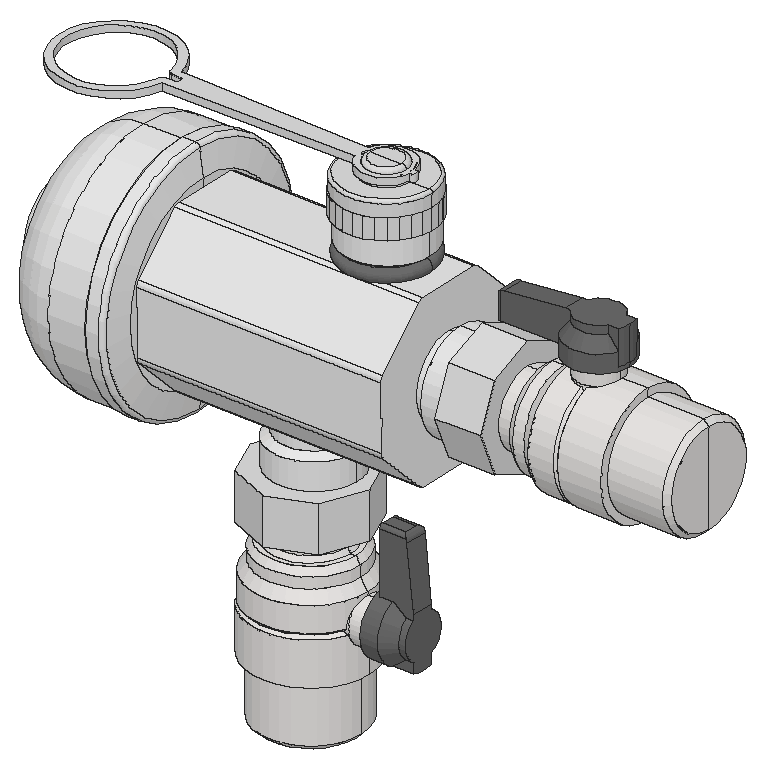
Revit family "2.rvt", category Pipe Accessories, Revit 2018
Family settings
  Round Connector Dimension = Use Diameter
  Part Type = Normal
  OmniClass Number = 23.65.00.00
  OmniClass Title = Supply and Distribution of Liquids and Gases
  Work Plane-Based = No
  Always vertical = No
  Cut with Voids When Loaded = No
  Shared = No
Parameters (values of type "3/4" - Configuration 2")
  Youtube clip = ""
  Weight Net (Kg) = "0"  # constant formula
  Valve Down = yes
  Uniformat II Description = "HVAC"  # constant formula
  Uniformat II Code = "D30"  # constant formula
  Uniclass 2015 Name = "Water filters and strainres"  # constant formula
  Uniclass 2015 Code = "Pr_65_57_96"  # constant formula
  Uniclass 2.0 Description = "Water filters and strainres"  # constant formula
  Uniclass 2.0 Code = "PR-30-96"  # constant formula
  Uniclass 1.4 Description = "Water filters, purifiers"  # constant formula
  Uniclass 1.4 Code = "L71151"  # constant formula
  URL = "www.pintossi.it"
  UNSPSC Code = "40161502"  # constant formula
  Technical description = ""
  Region South America = "All"  # constant formula
  Region Oceania = "All"  # constant formula
  Region North America = "All"  # constant formula
  Region Middle East = "All"  # constant formula
  Region Europe = "All"  # constant formula
  Region Asia = "All"  # constant formula
  Region Antarctica = "All"  # constant formula
  Region Africa = "All"  # constant formula
  Radius [instance] = [Main Inlet/Outlet Diameter] / 2  # 9.55 mm
  QR code = ""
  Product url = ""
  Product group = "MAGNETIC FILTERS"  # constant formula
  Product family = "FILTERS"  # constant formula
  Product data url = "https://www.bimobject.com/pintossi/product/9085-compact-magnetic-filter-for-domestic-boilers"
  Product certification = ""
  Product SKU = "9085-COMPACT-MAGNETIC-FILTER-FOR-DOMESTIC-BOILERS"  # constant formula
  Product Guid = "80c935f5-c3b4-44fa-b78e-3202d3c0e0e2"  # constant formula
  PH: = "Between 7 and 8Between 7 and 8"  # constant formula
  OmniClass Description = "Water Filters"  # constant formula
  OmniClass Code = "23-27 55 11 11"  # constant formula
  Nuts Right = no
  Nuts Down = no
  NBS Reference Description = "Water filters and strainres"  # constant formula
  NBS Reference Code = "30-96"  # constant formula
  Model = "3/4\" - Configuration 2"
  Maximum working temperature = 90 °C  # constant formula
  Maximum working pressure = 6.0 bar  # constant formula
  Maximum percentage of glycol [%] = 30  # constant formula
  Material secondary = ""
  Material main = "Brass"  # constant formula
  Material Steel = Pintossi - Metal -Stainless Steel
  Material Nut = Pintossi - Plastic - Black ABS
  Material Brass = Pintossi - Metal - Brass
  Material Body = Pintossi - Plastic - GRIVORY
  Masterformat 2014 Description = "Domestic Water Filtration Equipment"  # constant formula
  Masterformat 2014 Code = "22 32 00"  # constant formula
  Manufacturer name = "Pintossi+C"  # constant formula
  Manufacturer country = "Italy"  # constant formula
  Manufacturer = "Pintossi+C"  # constant formula
  Main Inlet/Outlet Diameter = 19.1 mm
  Length Right Conector = 103.3 mm
  Length Conector Down = 108 mm
  Iron (FE): = "< 0,5 mg/kg (< 0,1 mg/kg for steam)"  # constant formula
  Installation instructions = ""
  IFC Classification = "Valve"  # constant formula
  Valve Right = yes
  Fluid aspect: = "Limpid"  # constant formula
  Edition number = 0
  EAN code = ""
  Design country = "Italy"  # constant formula
  Description = "Pintossi+C magnetic dirt separator filter is an excellent solution to deal with the various plant engineering problems due to impurities present in the water (in particular rust and sand) which are created as a result of corrosion and encrustations during normal functioning operations in a heating system.\r\n\r\nThe magnetic filter guarantees continuous protection of the boiler, preventing the circulation of these microparticles in the system, thus preserving the most sensitive components such as the circulator and the heat exchanger. The stainless steel strainer blocks the circulations of dirt whereas the powerful magnetic insert attracts and blocks all the metallic debris.\r\n\r\nThe filter must be installed on the return circuit, at the inlet of the boiler. Thanks to the remarkable versatility of installation it can be either with the body horizontally or vertically, making it easily adaptable even in small spaces.\r\n\r\nAvailable with the following connections: \r\n- 2 ball valves with swivel nut\r\n- 2 female fittings\r\n- 1 ball valve with swivel nut and 1 female fitting  \r\n\r\nAvailable in white and black color for a perfect matching with the boiler's color."  # constant formula
  Date of publishing = ""
  Copper (CU): = "< 0,1 mg/kg (< 0,05 mg/kg for steam)"  # constant formula
  Conditioning: = "as indicated by the producer"  # constant formula
  COBIe Type Category = ""
  Brand url = "www.pintossi.it"
  BIMobject category = "HVAC: Other HVAC"  # constant formula
  Application fluids = "Water or glycol solutions"  # constant formula
  Antifreeze: = "Passiveted Propylene Glycol"  # constant formula
Types (3, lengths in mm): name | Valve Down | Nuts Right | Nuts Down | Model | Length Right Conector | Length Conector Down | Valve Right
  3/4" - Configuration 1 | no | no | yes | "3/4\" - Configuration 1" | 103.3 | 70.4 | yes
  3/4" - Configuration 2 | yes | no | no | "3/4\" - Configuration 2" | 103.3 | 108 | yes
  3/4" - Configuration 3 | no | yes | yes | "3/4\" - Configuration 2" | 69.3 | 74 | no
Reference planes
  plane 1 "Center (Front/Back)": y = 0
  plane 2: z = 0
  plane 3 "Center (Left/Right)": x = 0
  plane 4: z = 70.695
  plane 5: x = 104.574
  plane 6: x = 103.3
  plane 7: z = -38.605
  plane 8: z = -37.305
Forms (mm)
  Extrusion 1, solid, material "Pintossi - Plastic - GRIVORY" <- "Material Body", detail levels fine
    sketch origin (0, -25.217, -0.009) x (0, 0.941779, -0.336233) y (0, 0.336233, 0.941779)
      loop
        line (19.901, 94.31) -> (2.002, 102.656)
        arc (2.002, 102.656) -> (1.216, 102.849) -> (0.417, 102.726) r 2.073
        line (0.417, 102.726) -> (-18.142, 95.971)
        arc (-18.142, 95.971) -> (-18.834, 95.551) -> (-19.312, 94.899) r 2.073
        line (-19.312, 94.899) -> (-27.659, 76.999)
        arc (-27.659, 76.999) -> (-27.851, 76.213) -> (-27.728, 75.414) r 2.073
        line (-27.728, 75.414) -> (-20.973, 56.855)
        arc (-20.973, 56.855) -> (-20.554, 56.164) -> (-19.901, 55.685) r 2.073
        line (-19.901, 55.685) -> (-2.002, 47.339)
        arc (-2.002, 47.339) -> (-1.216, 47.146) -> (-0.417, 47.269) r 2.073
        line (-0.417, 47.269) -> (18.142, 54.024)
        arc (18.142, 54.024) -> (18.834, 54.444) -> (19.312, 55.096) r 2.073
        line (19.312, 55.096) -> (27.659, 72.996)
        arc (27.659, 72.996) -> (27.851, 73.781) -> (27.728, 74.581) r 2.073
        line (27.728, 74.581) -> (20.973, 93.14)
        arc (20.973, 93.14) -> (20.554, 93.831) -> (19.901, 94.31) r 2.073
    from -52.797 to 22.284
  Revolve 2, solid, material "Pintossi - Plastic - GRIVORY" <- "Material Body", detail levels fine
    sketch origin (0, 0, 0) x (1, 0, 0) y (0, 0, 1)
      loop
        line (-52.797, 70.695) -> (-52.797, 98.909) -> (-54.135, 106.501)
        arc (-54.135, 106.501) -> (-54.701, 107.424) -> (-55.743, 107.715) r 1.478
        line (-55.743, 107.715) -> (-59.433, 107.715) -> (-60.006, 106.142) -> (-60.006, 107.246) -> (-71.286, 107.246)
        arc (-71.286, 107.246) -> (-84.335, 101.841) -> (-89.74, 88.791) r 18.455
        line (-89.74, 88.791) -> (-89.74, 70.695) -> (-52.797, 70.695)
      axis (-89.74, 70.695) -> (-52.797, 70.695)
    angle from 0 to 360
  Revolve 3, solid, material "Pintossi - Plastic - GRIVORY" <- "Material Body", detail levels fine
    sketch origin (0, 0, 0) x (1, 0, 0) y (0, 0, 1)
      loop
        line (-89.669, 70.695) -> (-89.669, 87.018) -> (-93.729, 87.018)
        arc (-93.729, 87.018) -> (-95.704, 86.2) -> (-96.522, 84.226) r 2.793
        line (-96.522, 84.226) -> (-96.522, 70.695) -> (-89.669, 70.695)
      axis (-96.522, 70.695) -> (-89.669, 70.695)
    angle from 0 to 360
  Revolve 4, solid, material "Pintossi - Metal -Stainless Steel" <- "Material Steel", detail levels fine
    sketch origin (0, -0.358, -0.938) x (1, 0, 0) y (0, 0, 1)
      loop
        line (-10.713, 110.384) -> (3.368, 110.384) -> (3.368, 125.197) -> (-1.395, 125.197)
        arc (-1.395, 125.197) -> (-2.31, 124.818) -> (-2.689, 123.903) r 1.294
        line (-2.689, 123.903) -> (-3.967, 123.903) -> (-3.967, 121.152) -> (-9.844, 121.152)
        arc (-9.844, 121.152) -> (-10.459, 120.898) -> (-10.713, 120.283) r 0.869
        line (-10.713, 120.283) -> (-10.713, 110.384)
      axis (3.368, 125.197) -> (3.368, 110.384)
    angle from 0 to 360
  Extrusion 5, solid, material "Pintossi - Metal -Stainless Steel" <- "Material Steel", detail levels fine
    sketch origin (0, 0, 0) x (1, 0, 0) y (0, 1, 0)
      loop
        arc (-2.592, 0.722) -> (-3.947, -0.358) -> (-2.592, -1.438) r 1.108
        arc (-2.592, -1.438) -> (3.91, -6.391) -> (9.425, -0.358) r 6.057
        arc (9.425, -0.358) -> (3.91, 5.675) -> (-2.592, 0.722) r 6.057
      loop
        line (-4.228, 2.327) -> (-62.403, 3.343)
        arc (-62.403, 3.343) -> (-96.643, -0.358) -> (-62.403, -4.059) r 17.32
        line (-62.403, -4.059) -> (-4.228, -3.043)
        arc (-4.228, -3.043) -> (4.142, -8.378) -> (11.338, -1.542) r 8.057
        arc (11.338, -1.542) -> (12.775, -0.358) -> (11.338, 0.826) r 1.206
        arc (11.338, 0.826) -> (4.142, 7.662) -> (-4.228, 2.327) r 8.057
      loop
        arc (-63.437, 0.974) -> (-64.276, 1.332) -> (-64.713, 2.132) r 1.392
        arc (-64.713, 2.132) -> (-94.505, -0.358) -> (-64.713, -2.848) r 15
        arc (-64.713, -2.848) -> (-64.276, -2.048) -> (-63.437, -1.69) r 1.392
        line (-63.437, -1.69) -> (-60.86, -1.51)
        arc (-60.86, -1.51) -> (-59.708, -0.358) -> (-60.86, 0.794) r 1.152
        line (-60.86, 0.794) -> (-63.437, 0.974)
    from 121.126 to 123.157
  Extrusion 6, solid, material "Pintossi - Metal -Stainless Steel" <- "Material Steel", detail levels fine
    sketch origin (0, 0, 0) x (1, 0, 0) y (0, 1, 0)
      loop
        line (-0.564, 13.357) -> (-3.33, 12.24) -> (-5.803, 10.572) -> (-7.875, 8.426) -> (-9.456, 5.897) -> (-10.476, 3.094) -> (-10.891, 0.14) -> (-10.683, -2.836) -> (-9.861, -5.703) -> (-8.46, -8.337) -> (-6.543, -10.621) -> (-4.192, -12.458) -> (-1.512, -13.765) -> (1.383, -14.487) -> (4.364, -14.591) -> (7.301, -14.073) -> (10.067, -12.956) -> (12.54, -11.288) -> (14.612, -9.142) -> (16.192, -6.613) -> (17.212, -3.81) -> (17.628, -0.856) -> (17.42, 2.12) -> (16.597, 4.987) -> (15.197, 7.62) -> (13.28, 9.905) -> (10.929, 11.742) -> (8.248, 13.049) -> (5.354, 13.771) -> (2.373, 13.875) -> (-0.564, 13.357)
    from 109.447 to 115.635
  Revolve 7, solid, material "Pintossi - Rubber - NBR", detail levels fine
    sketch origin (0, 0, 0) x (1, 0, 0) y (0, 0, 1)
      loop
        spline (-8.637, 100.534) -> (-9.072, 100.468) -> (-9.479, 100.274) -> (-9.827, 99.967) -> (-10.095, 99.566) -> (-10.263, 99.099) -> (-10.321, 98.598) -> (-10.263, 98.097) -> (-10.095, 97.63) -> (-9.827, 97.229) -> (-9.479, 96.922) -> (-9.072, 96.728) -> (-8.637, 96.662)
        spline (-8.637, 96.662) -> (-8.201, 96.728) -> (-7.795, 96.922) -> (-7.446, 97.229) -> (-7.178, 97.63) -> (-7.01, 98.097) -> (-6.953, 98.598) -> (-7.01, 99.099) -> (-7.178, 99.566) -> (-7.446, 99.967) -> (-7.795, 100.274) -> (-8.201, 100.468) -> (-8.637, 100.534)
      axis (3.368, 100.534) -> (3.368, 96.662)
    angle from 0 to 360
  Revolve 8, solid, material "Pintossi - Plastic - GRIVORY" <- "Material Body", detail levels fine
    sketch origin (0, 0, 0) x (1, 0, 0) y (0, 0, 1)
      loop
        line (-29.665, 47.173) -> (-29.665, 41.623) -> (-32.11, 39.911) -> (-32.11, 28.545) -> (-19, 28.545) -> (-19, 47.173) -> (-29.665, 47.173)
      axis (-19, 47.173) -> (-19, 28.545)
    angle from 0 to 360
  Revolve 9, solid, material "Pintossi - Plastic - GRIVORY" <- "Material Body", detail levels fine
    sketch origin (0, 0, -0.938) x (1, 0, 0) y (0, 0, 1)
      loop
        line (20.127, 84.376) -> (20.127, 71.702) -> (37.627, 71.702) -> (37.627, 86.702) -> (25.827, 86.702) -> (24.198, 84.376) -> (20.127, 84.376)
      axis (20.127, 71.702) -> (37.627, 71.702)
    angle from 0 to 360
  Revolve 10, solid, material "Pintossi - Plastic - GRIVORY" <- "Material Body", detail levels fine
    sketch origin (0, 0, 0) x (1, 0, 0) y (0, 0, 1)
      loop
        arc (-9.844, 101.779) -> (-7.761, 100.528) -> (-6.943, 98.239) r 3.61
        line (-6.943, 98.239) -> (-6.943, 96.066) -> (3.368, 96.066) -> (3.368, 109.447) -> (-9.844, 109.447) -> (-9.844, 101.779)
      axis (3.368, 109.447) -> (3.368, 96.066)
    angle from 0 to 360
  Extrusion 11, solid, material "Pintossi - Metal -Stainless Steel" <- "Material Steel", visible <- "Nuts Down", detail levels fine
    sketch origin (0, 0, 0) x (1, 0, 0) y (0, 1, 0)
      loop
        line (-18.841, 15) -> (-29.447, 10.607) -> (-33.841, 0) -> (-29.447, -10.607) -> (-18.841, -15) -> (-8.234, -10.607) -> (-3.841, 0) -> (-8.234, 10.607) -> (-18.841, 15)
      loop
        circle (-19, 0) r 13.111
    from 17.889 to 32.01
  Extrusion 12, solid, material "Pintossi - Metal -Stainless Steel" <- "Material Steel", visible <- "Nuts Down", detail levels fine
    sketch origin (0, 0, -17.587) x (1, 0, 0) y (0, 1, 0)
      loop
        line (-18.841, 15) -> (-29.447, 10.607) -> (-33.841, 0) -> (-29.447, -10.607) -> (-18.841, -15) -> (-8.234, -10.607) -> (-3.841, 0) -> (-8.234, 10.607) -> (-18.841, 15)
      loop
        circle (-19, 0) r 11.226
    from 17.889 to 32.01
  Extrusion 13, solid, material "Pintossi - Metal -Stainless Steel" <- "Material Steel", visible <- "Nuts Down", detail levels fine
    sketch origin (0, 0, 0) x (1, 0, 0) y (0, 1, 0)
      loop
        circle (-19, 0) r 13.111
      loop
        circle (-19, 0) r 9.55
    from 8.849 to 32.01
  Extrusion 14, solid, material "Pintossi - Metal -Stainless Steel" <- "Material Steel", visible <- "Valve Right", detail levels fine
    sketch origin (66.051, 0, 90.16) x (0, 0, 1) y (0, 1, 0)
      loop
        line (-1.264, 0) -> (-6.595, 12.871) -> (-19.466, 18.202) -> (-32.336, 12.871) -> (-37.668, 0) -> (-32.336, -12.871) -> (-19.466, -18.202) -> (-6.595, -12.871) -> (-1.264, 0)
      loop
        circle (-19.466, 0) r 11.516
    from 19.511 to 33.392
  Revolve 15, solid, material "Pintossi - Metal - Brass" <- "Material Brass", visible <- "Valve Right", detail levels fine
    sketch origin (0, 0, 0) x (1, 0, 0) y (0, 0, 1)
      loop
        line (32.659, 82.095) -> (32.659, 70.695) -> (101.971, 70.695) -> (101.971, 84.851) -> (100.452, 86.371) -> (83.24, 86.371) -> (83.24, 88.752) -> (70.084, 88.752) -> (69.109, 87.778) -> (68.469, 88.418) -> (60.762, 88.418) -> (57.436, 86.089) -> (54.16, 86.089) -> (52.102, 84.648) -> (52.102, 83.01) -> (50.517, 82.095) -> (32.659, 82.095)
      axis (32.659, 70.695) -> (101.971, 70.695)
    angle from 0 to 360
  Revolve 16, solid, material "Pintossi - Metal - Brass" <- "Material Brass", visible <- "Valve Right", detail levels fine
    sketch origin (0, 0, 0) x (1, 0, 0) y (0, 0, 1)
      loop
        arc (61.42, 87.789) -> (60.752, 85.433) -> (58.948, 83.777) r 4.491
        line (58.948, 83.777) -> (68.227, 83.777) -> (68.227, 94.728) -> (61.42, 94.728) -> (61.42, 87.789)
      axis (68.227, 94.728) -> (68.227, 83.777)
    angle from 0 to 360
  Extrusion 17, solid, material "Pintossi - Metal -Stainless Steel" <- "Material Steel", visible <- "Valve Down", detail levels fine
    sketch origin (0.625, -1.656, -1.382) x (1, 0, 0) y (0, 1, 0)
      loop
        line (-1.264, 0) -> (-6.595, 12.871) -> (-19.466, 18.202) -> (-32.336, 12.871) -> (-37.668, 0) -> (-32.336, -12.871) -> (-19.466, -18.202) -> (-6.595, -12.871) -> (-1.264, 0)
      loop
        circle (-19.466, 0) r 11.516
    from 19.511 to 33.392
  Revolve 18, solid, material "Pintossi - Metal - Brass" <- "Material Brass", visible <- "Valve Down", detail levels fine
    sketch origin (-89.535, -1.656, 64.669) x (0, 0, -1) y (1, 0, 0)
      loop
        line (32.659, 82.095) -> (32.659, 70.695) -> (101.971, 70.695) -> (101.971, 84.851) -> (100.452, 86.371) -> (83.24, 86.371) -> (83.24, 88.752) -> (70.084, 88.752) -> (69.109, 87.778) -> (68.469, 88.418) -> (60.762, 88.418) -> (57.436, 86.089) -> (54.16, 86.089) -> (52.102, 84.648) -> (52.102, 83.01) -> (50.517, 82.095) -> (32.659, 82.095)
      axis (32.659, 70.695) -> (101.971, 70.695)
    angle from 0 to 360
  Revolve 19, solid, material "Pintossi - Metal - Brass" <- "Material Brass", visible <- "Valve Down", detail levels fine
    sketch origin (-89.535, -1.656, 64.669) x (0, 0, -1) y (1, 0, 0)
      loop
        arc (61.42, 87.789) -> (60.752, 85.433) -> (58.948, 83.777) r 4.491
        line (58.948, 83.777) -> (68.227, 83.777) -> (68.227, 94.728) -> (61.42, 94.728) -> (61.42, 87.789)
      axis (68.227, 94.728) -> (68.227, 83.777)
    angle from 0 to 360
  Extrusion 20, solid, material "Pintossi - Metal -Stainless Steel" <- "Material Steel", visible <- "Nuts Right", detail levels fine
    sketch origin (69.637, 0, 89.535) x (0, 0, 1) y (0, 1, 0)
      loop
        line (-18.841, 15) -> (-29.447, 10.607) -> (-33.841, 0) -> (-29.447, -10.607) -> (-18.841, -15) -> (-8.234, -10.607) -> (-3.841, 0) -> (-8.234, 10.607) -> (-18.841, 15)
      loop
        circle (-19, 0) r 13.111
    from 17.889 to 32.01
  Extrusion 21, solid, material "Pintossi - Metal -Stainless Steel" <- "Material Steel", visible <- "Nuts Right", detail levels fine
    sketch origin (87.224, 0, 89.535) x (0, 0, 1) y (0, 1, 0)
      loop
        line (-18.841, 15) -> (-29.447, 10.607) -> (-33.841, 0) -> (-29.447, -10.607) -> (-18.841, -15) -> (-8.234, -10.607) -> (-3.841, 0) -> (-8.234, 10.607) -> (-18.841, 15)
      loop
        circle (-19, 0) r 11.226
    from 17.889 to 32.01
  Extrusion 22, solid, material "Pintossi - Metal -Stainless Steel" <- "Material Steel", visible <- "Nuts Right", detail levels fine
    sketch origin (69.637, 0, 89.535) x (0, 0, 1) y (0, 1, 0)
      loop
        circle (-19, 0) r 13.111
      loop
        circle (-19, 0) r 9.55
    from 8.849 to 32.01
  Extrusion 23, solid, material "Pintossi - Plastic - Black ABS" <- "Material Nut", visible <- "Valve Right", detail levels fine
    sketch origin (0, 0, 0) x (1, 0, 0) y (0, 1, 0)
      loop
        circle (68.234, 0.078) r 9.561
    from 92.778 to 98.131
  Extrusion 24, solid, material "Pintossi - Plastic - Black ABS" <- "Material Nut", visible <- "Valve Right", detail levels fine
    sketch origin (0, 0, 0) x (1, 0, 0) y (0, 1, 0)
      loop
        circle (68.234, 0.078) r 6.74
    from 102.117 to 104.416
  Blend 25, solid, material "Pintossi - Plastic - Black ABS" <- "Material Nut", visible <- "Valve Right", detail levels fine
    base sketch origin (0, 0, 0) x (1, 0, 0) y (0, 1, 0)
      loop
        circle (68.234, 0.078) r 9.561
    top sketch origin (0, 0, 0) x (1, 0, 0) y (0, 1, 0)
      loop
        circle (68.234, 0.078) r 6.74
    from 98.131 to 102.117
  Extrusion 26, solid, material "Pintossi - Plastic - Black ABS" <- "Material Nut", visible <- "Valve Right", detail levels fine
    sketch origin (0, 0, 0) x (1, 0, 0) y (0, 1, 0)
      loop
        line (39.745, 1.84) -> (39.745, -2.358)
        arc (39.745, -2.358) -> (40.087, -3.184) -> (40.914, -3.527) r 1.169
        line (40.914, -3.527) -> (77.943, -3.527)
        arc (77.943, -3.527) -> (78.496, -3.297) -> (78.725, -2.744) r 0.783
        line (78.725, -2.744) -> (78.725, 2.203)
        arc (78.725, 2.203) -> (78.458, 2.848) -> (77.813, 3.115) r 0.912
        line (77.813, 3.115) -> (41.02, 3.115)
        arc (41.02, 3.115) -> (40.118, 2.742) -> (39.745, 1.84) r 1.275
    from 94.023 to 104.416
  Extrusion 27, void
    sketch origin (0, 0, 0) x (1, 0, 0) y (0, 1, 0)
      loop
        arc (77.796, 0.078) -> (74.995, -6.683) -> (68.234, -9.483) r 9.561
        line (68.234, -9.483) -> (68.234, -11.483)
        arc (68.234, -11.483) -> (76.409, -8.097) -> (79.796, 0.078) r 11.561
        arc (79.796, 0.078) -> (76.409, 8.253) -> (68.234, 11.64) r 11.561
        line (68.234, 11.64) -> (68.234, 9.64)
        arc (68.234, 9.64) -> (74.995, 6.839) -> (77.796, 0.078) r 9.561
    from 91.074 to 120.214
  Extrusion 28, void
    sketch origin (0, 0, 0) x (1, 0, 0) y (0, 0, 1)
      loop
        line (64.926, 104.845) -> (64.926, 109.222) -> (35.49, 109.222) -> (35.49, 101.751) -> (35.49, 100.493) -> (39.516, 100.493)
        arc (39.516, 100.493) -> (40.299, 101.885) -> (41.806, 102.415) r 2.268
        line (41.806, 102.415) -> (64.926, 104.845)
    from -8.649 to 19.858
  Extrusion 29, solid, material "Pintossi - Plastic - Black ABS" <- "Material Nut", visible <- "Valve Right", not visible
    sketch origin (0, 0, 0) x (1, 0, 0) y (0, 1, 0)
      loop
        circle (68.234, 0.078) r 9.561
    from 92.778 to 98.131
  Extrusion 30, solid, material "Pintossi - Plastic - Black ABS" <- "Material Nut", visible <- "Valve Right", not visible
    sketch origin (0, 0, 0) x (1, 0, 0) y (0, 1, 0)
      loop
        circle (68.234, 0.078) r 6.74
    from 102.117 to 104.416
  Blend 31, solid, material "Pintossi - Plastic - Black ABS" <- "Material Nut", visible <- "Valve Right", not visible
    base sketch origin (0, 0, 0) x (1, 0, 0) y (0, 1, 0)
      loop
        circle (68.234, 0.078) r 9.561
    top sketch origin (0, 0, 0) x (1, 0, 0) y (0, 1, 0)
      loop
        circle (68.234, 0.078) r 6.74
    from 98.131 to 102.117
  Extrusion 32, solid, material "Pintossi - Plastic - Black ABS" <- "Material Nut", visible <- "Valve Right", not visible
    sketch origin (0, 0, 0) x (1, 0, 0) y (0, 1, 0)
      loop
        line (39.745, 1.84) -> (39.745, -2.358)
        arc (39.745, -2.358) -> (40.087, -3.184) -> (40.914, -3.527) r 1.169
        line (40.914, -3.527) -> (77.943, -3.527)
        arc (77.943, -3.527) -> (78.496, -3.297) -> (78.725, -2.744) r 0.783
        line (78.725, -2.744) -> (78.725, 2.203)
        arc (78.725, 2.203) -> (78.458, 2.848) -> (77.813, 3.115) r 0.912
        line (77.813, 3.115) -> (41.02, 3.115)
        arc (41.02, 3.115) -> (40.118, 2.742) -> (39.745, 1.84) r 1.275
    from 94.023 to 104.416
  Extrusion 33, void, not visible
    sketch origin (0, 0, 0) x (1, 0, 0) y (0, 1, 0)
      loop
        arc (77.796, 0.078) -> (74.995, -6.683) -> (68.234, -9.483) r 9.561
        line (68.234, -9.483) -> (68.234, -11.483)
        arc (68.234, -11.483) -> (76.409, -8.097) -> (79.796, 0.078) r 11.561
        arc (79.796, 0.078) -> (76.409, 8.253) -> (68.234, 11.64) r 11.561
        line (68.234, 11.64) -> (68.234, 9.64)
        arc (68.234, 9.64) -> (74.995, 6.839) -> (77.796, 0.078) r 9.561
    from 91.074 to 120.214
  Extrusion 34, void, not visible
    sketch origin (0, 0, 0) x (1, 0, 0) y (0, 0, 1)
      loop
        line (64.926, 104.845) -> (64.926, 109.222) -> (35.49, 109.222) -> (35.49, 101.751) -> (35.49, 100.493) -> (39.516, 100.493)
        arc (39.516, 100.493) -> (40.299, 101.885) -> (41.806, 102.415) r 2.268
        line (41.806, 102.415) -> (64.926, 104.845)
    from -8.649 to 19.858
  Extrusion 35, solid, material "Pintossi - Plastic - Black ABS" <- "Material Nut", visible <- "Valve Down", detail levels fine
    sketch origin (-90.085, 0, 64.676) x (0, 0, -1) y (0, 1, 0)
      loop
        circle (68.234, 0.078) r 9.561
    from 92.778 to 98.131
  Extrusion 36, solid, material "Pintossi - Plastic - Black ABS" <- "Material Nut", visible <- "Valve Down", detail levels fine
    sketch origin (-90.085, 0, 64.676) x (0, 0, -1) y (0, 1, 0)
      loop
        circle (68.234, 0.078) r 6.74
    from 102.117 to 104.416
  Blend 37, solid, material "Pintossi - Plastic - Black ABS" <- "Material Nut", visible <- "Valve Down", detail levels fine
    base sketch origin (-90.085, 0, 64.676) x (0, 0, -1) y (0, 1, 0)
      loop
        circle (68.234, 0.078) r 9.561
    top sketch origin (-90.085, 0, 64.676) x (0, 0, -1) y (0, 1, 0)
      loop
        circle (68.234, 0.078) r 6.74
    from 98.131 to 102.117
  Extrusion 38, solid, material "Pintossi - Plastic - Black ABS" <- "Material Nut", visible <- "Valve Down", detail levels fine
    sketch origin (-90.085, 0, 64.676) x (0, 0, -1) y (0, 1, 0)
      loop
        line (39.745, 1.84) -> (39.745, -2.358)
        arc (39.745, -2.358) -> (40.087, -3.184) -> (40.914, -3.527) r 1.169
        line (40.914, -3.527) -> (77.943, -3.527)
        arc (77.943, -3.527) -> (78.496, -3.297) -> (78.725, -2.744) r 0.783
        line (78.725, -2.744) -> (78.725, 2.203)
        arc (78.725, 2.203) -> (78.458, 2.848) -> (77.813, 3.115) r 0.912
        line (77.813, 3.115) -> (41.02, 3.115)
        arc (41.02, 3.115) -> (40.118, 2.742) -> (39.745, 1.84) r 1.275
    from 94.023 to 104.416
  Extrusion 39, void
    sketch origin (-90.085, 0, 64.676) x (0, 0, -1) y (0, 1, 0)
      loop
        arc (77.796, 0.078) -> (74.995, -6.683) -> (68.234, -9.483) r 9.561
        line (68.234, -9.483) -> (68.234, -11.483)
        arc (68.234, -11.483) -> (76.409, -8.097) -> (79.796, 0.078) r 11.561
        arc (79.796, 0.078) -> (76.409, 8.253) -> (68.234, 11.64) r 11.561
        line (68.234, 11.64) -> (68.234, 9.64)
        arc (68.234, 9.64) -> (74.995, 6.839) -> (77.796, 0.078) r 9.561
    from 91.074 to 120.214
  Extrusion 40, void
    sketch origin (-90.085, 0, 64.676) x (0, 0, -1) y (1, 0, 0)
      loop
        line (64.926, 104.845) -> (64.926, 109.222) -> (35.49, 109.222) -> (35.49, 101.751) -> (35.49, 100.493) -> (39.516, 100.493)
        arc (39.516, 100.493) -> (40.299, 101.885) -> (41.806, 102.415) r 2.268
        line (41.806, 102.415) -> (64.926, 104.845)
    from -8.649 to 19.858
  Extrusion 41, solid, not visible
    sketch origin (0, 0, 0) x (0, 1, 0) y (0, 0, 1)
      loop
        circle (0, 70.695) r 20
    from 103.3 to 104.574
  Extrusion 42, solid, not visible
    sketch origin (0, 0, 0) x (1, 0, 0) y (0, 1, 0)
      loop
        circle (-19, 0) r 9.55
    from -38.605 to -37.305
Cuts and joins
  joined: Extrusion 1, Revolve 8, Revolve 9, Revolve 10
  Extrusion 27, Extrusion 28 cuts Extrusion 26
  joined: Extrusion 23, Extrusion 24, Blend 25, Extrusion 26
  Extrusion 39 cuts Extrusion 35
  Extrusion 39, Extrusion 40 cuts Extrusion 38
  joined: Extrusion 35, Extrusion 36, Blend 37, Extrusion 38
Lines and regions (mm)
  symbolic lines
    curve 1: line (0, 60, 0) -> (-60, 0, 0)
    curve 2: line (0, 60, 0) -> (60, 0, 0)
    curve 3: line (0, -60, 0) -> (-60, 0, 0)
    curve 4: line (0, -60, 0) -> (60, 0, 0)
    curve 5: line (-60, 0, 0) -> (-80, 0, 0)
    curve 7: line (-60, 0, 0) -> (60, 0, 0)
    curve 22: line (60, 0, 0) -> (120, 0, 0)
  symbolic lines, visible <- "Valve Right"
    curve 6: line (60, 0, 0) -> (74.381, 0, 0)
    curve 13: line (95, 0, 0) -> (74.381, 10, 0)
    curve 14: line (74.381, 10, 0) -> (74.381, 0, 0)
    curve 15: line (95, 0, 0) -> (74.381, -10, 0)
    curve 16: line (74.381, -10, 0) -> (74.381, 0, 0)
    curve 17: line (95, 0, 0) -> (115.619, 10, 0)
    curve 18: line (115.619, 10, 0) -> (115.619, 0, 0)
    curve 19: line (95, 0, 0) -> (115.619, -10, 0)
    curve 20: line (115.619, -10, 0) -> (115.619, 0, 0)
    curve 21: line (115.619, 0, 0) -> (130.619, 0, 0)
  model lines, detail levels coarse+medium
    curve 8: line (-23.75, 64.853, 70.695) -> (37.5, 0, 70.695)
    curve 9: line (-23.75, 64.853, 70.695) -> (-85, 0, 70.695)
    curve 10: line (-23.75, -64.853, 70.695) -> (37.5, 0, 70.695)
    curve 11: line (-23.75, -64.853, 70.695) -> (-85, 0, 70.695)
    curve 12: line (-18.841, 0, 19.551) -> (-18.841, 0, 70.695)
  model lines, visible <- "Valve Right", detail levels coarse+medium
    curve 23: line (50.006, -10, 70.695) -> (50.006, 10, 70.695)
    curve 24: line (91.244, -10, 70.695) -> (91.244, 10, 70.695)
    curve 25: line (50.006, 10, 70.695) -> (91.244, -10, 70.695)
    curve 26: line (91.244, 10, 70.695) -> (50.006, -10, 70.695)
    curve 27: line (37.5, 0, 70.695) -> (50.006, 0, 70.695)
    curve 28: line (91.244, 0, 70.695) -> (106.244, 0, 70.695)
    curve 29: line (50.006, -10, 70.695) -> (50.006, 10, 70.695)
    curve 30: line (37.5, 0, 70.695) -> (50.006, 0, 70.695)
  model lines, visible <- "Nuts Right", detail levels coarse+medium
    curve 31: line (69.336, 0, 70.695) -> (37.5, 0, 70.695)
  model lines, visible <- "Valve Down", detail levels coarse+medium
    curve 32: line (-28.841, -1.656, 19.551) -> (-8.841, -1.656, 19.551)
    curve 33: line (-28.841, -1.656, -21.686) -> (-8.841, -1.656, -21.686)
    curve 34: line (-8.841, -1.656, 19.551) -> (-28.841, -1.656, -21.686)
    curve 35: line (-8.841, -1.656, -21.686) -> (-28.841, -1.656, 19.551)
    curve 36: line (-18.841, -1.656, -21.686) -> (-18.841, -1.656, -37.303)
Dimensions and locks
  Extrusion 21 to Extrusion 26 = 23.511 mm
  locked: plane 6 to plane 5 at 1.274
  "Length Right Conector": plane 3 "Center (Left/Right)" to plane 6
  locked: plane 8 to plane 7 at 1.3
  "Length Conector Down": plane 4 to plane 8
  "Radius": radius of Extrusion 13 sketch curve
  "Radius": radius of Extrusion 22 sketch curve
  aligned and locked: level to plane 2
  aligned and locked: plane 6 to Extrusion 41
  aligned and locked: plane 5 to Extrusion 41
  aligned and locked: Extrusion 42 to plane 7
  aligned and locked: plane 8 to Extrusion 42
Automatic sketch dimensions
  Blend 25 sketch curve to Blend 25 sketch curve = 9.561 mm
  Blend 25 sketch curve to Blend 25 sketch curve = 6.74 mm
  Extrusion 26 sketch curve to Extrusion 26 sketch curve = 1.169 mm
  Extrusion 26 sketch curve to Extrusion 26 sketch curve = 1.275 mm
  Extrusion 26 sketch curve to Extrusion 26 sketch curve = 36.794 mm
  Extrusion 26 sketch curve to Extrusion 26 sketch curve = 0.783 mm
  Extrusion 27 sketch curve to Extrusion 27 sketch curve = 0 mm  (x14)
  Extrusion 27 sketch curve to Extrusion 27 sketch curve = 9.561 mm
  Extrusion 27 sketch curve to Extrusion 27 sketch curve = 2 mm
  Extrusion 28 sketch curve to Extrusion 28 sketch curve = 4.026 mm
  Extrusion 28 sketch curve to Extrusion 28 sketch curve = 2.241 mm
  Extrusion 28 sketch curve to Extrusion 28 sketch curve = 23.169 mm
  Extrusion 28 sketch curve to Extrusion 28 sketch curve = 0.345 mm
  Extrusion 28 sketch curve to Extrusion 28 sketch curve = 1.258 mm
  Extrusion 28 sketch curve to Extrusion 28 sketch curve = 4.697 mm
  Extrusion 28 sketch curve to Extrusion 28 sketch curve = 7.471 mm
  Extrusion 28 sketch curve to Extrusion 28 sketch curve = 0.049 mm
  Extrusion 26 sketch curve to Extrusion 26 sketch curve = 0.129 mm
  Extrusion 26 sketch curve to Extrusion 26 sketch curve = 4.198 mm
  Blend 31 sketch curve to Blend 31 sketch curve = 9.561 mm
  Blend 31 sketch curve to Blend 31 sketch curve = 6.74 mm
  Extrusion 32 sketch curve to Extrusion 32 sketch curve = 1.169 mm
  Extrusion 32 sketch curve to Extrusion 32 sketch curve = 1.275 mm
  Extrusion 32 sketch curve to Extrusion 32 sketch curve = 36.794 mm
  Extrusion 32 sketch curve to Extrusion 32 sketch curve = 0.783 mm
  Extrusion 33 sketch curve to Extrusion 33 sketch curve = 0 mm  (x14)
  Extrusion 33 sketch curve to Extrusion 33 sketch curve = 9.561 mm
  Extrusion 33 sketch curve to Extrusion 33 sketch curve = 2 mm
  Extrusion 34 sketch curve to Extrusion 34 sketch curve = 4.026 mm
  Extrusion 34 sketch curve to Extrusion 34 sketch curve = 2.241 mm
  Extrusion 34 sketch curve to Extrusion 34 sketch curve = 23.169 mm
  Extrusion 34 sketch curve to Extrusion 34 sketch curve = 0.345 mm
  Extrusion 34 sketch curve to Extrusion 34 sketch curve = 1.258 mm
  Extrusion 34 sketch curve to Extrusion 34 sketch curve = 4.697 mm
  Extrusion 34 sketch curve to Extrusion 34 sketch curve = 7.471 mm
  Extrusion 34 sketch curve to Extrusion 34 sketch curve = 0.049 mm
  Blend 31 sketch curve to Blend 31 sketch curve = 0 mm  (x4)
  Extrusion 32 sketch curve to Extrusion 32 sketch curve = 0.129 mm
  Extrusion 32 sketch curve to Extrusion 32 sketch curve = 4.198 mm
  curve 12 to plane 4 = 0 mm
  curve 27 to plane 4 = 0 mm
  curve 30 to plane 4 = 0 mm
  curve 31 to plane 4 = 0 mm
  curve 28 to plane 4 = 0 mm
  curve 12 to plane 3 "Center (Left/Right)" = 18.841 mm
  plane 3 "Center (Left/Right)" to curve 27 = 37.5 mm
  curve 30 to curve 27 = 0 mm  (x2)
  curve 31 to curve 27 = 0 mm
  curve 27 to curve 27 = 12.506 mm
  curve 27 to curve 31 = 19.329 mm
  curve 31 to curve 28 = 21.908 mm
  curve 28 to curve 28 = 15 mm
  level to curve 12 = 19.551 mm
  plane 1 "Center (Front/Back)" to curve 5 = 0 mm
  curve 4 to plane 3 "Center (Left/Right)" = 0 mm
  curve 2 to plane 3 "Center (Left/Right)" = 0 mm
  plane 1 "Center (Front/Back)" to curve 15 = 0 mm
  plane 1 "Center (Front/Back)" to curve 20 = 0 mm
  curve 7 to plane 3 "Center (Left/Right)" = 60 mm
  curve 2 to curve 6 = 14.381 mm
  plane 1 "Center (Front/Back)" to curve 15 = 10 mm
  curve 15 to curve 6 = 0 mm
  curve 6 to curve 15 = 20.619 mm
  curve 17 to plane 1 "Center (Front/Back)" = 10 mm
  curve 13 to curve 17 = 20.619 mm
  plane 1 "Center (Front/Back)" to curve 20 = 10 mm
  curve 6 to curve 14 = 10 mm
  curve 5 to curve 1 = 20 mm
  curve 18 to curve 22 = 4.381 mm
  curve 22 to curve 21 = 10.619 mm
  plane 4 to Extrusion 1 sketch curve = 9.643 mm
  plane 1 "Center (Front/Back)" to Extrusion 1 sketch curve = 25.974 mm
  Extrusion 1 sketch curve to Extrusion 1 sketch curve = 0.069 mm  (x2)
  Extrusion 1 sketch curve to Extrusion 1 sketch curve = 1.879 mm  (x4)
  Extrusion 1 sketch curve to Extrusion 1 sketch curve = 6.755 mm  (x2)
  Extrusion 1 sketch curve to Extrusion 1 sketch curve = 1.072 mm  (x2)
  Extrusion 1 sketch curve to Extrusion 1 sketch curve = 8.347 mm  (x3)
  Extrusion 1 sketch curve to Extrusion 1 sketch curve = 0.876 mm  (x5)
  Extrusion 1 sketch curve to Extrusion 1 sketch curve = 1.17 mm  (x2)
  Extrusion 1 sketch curve to Extrusion 1 sketch curve = 0.709 mm  (x7)
  Extrusion 1 sketch curve to Extrusion 1 sketch curve = 17.9 mm  (x4)
  Extrusion 1 sketch curve to Extrusion 1 sketch curve = 1.585 mm  (x2)
  Extrusion 1 sketch curve to Extrusion 1 sketch curve = 18.559 mm  (x3)
  Extrusion 1 sketch curve to Extrusion 1 sketch curve = 0.833 mm
  Extrusion 1 sketch curve to Extrusion 1 sketch curve = 17.85 mm
  Revolve 2 sketch curve to plane 4 = 0 mm  (x2)
  Revolve 2 sketch curve to plane 3 "Center (Left/Right)" = 89.74 mm
  Revolve 2 sketch curve to Revolve 2 sketch curve = 18.455 mm
  Revolve 2 sketch curve to Revolve 2 sketch curve = 11.28 mm
  Revolve 2 sketch curve to Revolve 2 sketch curve = 0.572 mm
  Revolve 2 sketch curve to Revolve 2 sketch curve = 3.69 mm
  Revolve 2 sketch curve to Revolve 2 sketch curve = 0.152 mm
  plane 4 to Revolve 2 sketch curve = 35.806 mm
  Revolve 2 sketch curve to Revolve 2 sketch curve = 1.456 mm
  Revolve 2 sketch curve to Revolve 2 sketch curve = 1.339 mm
  Revolve 2 sketch curve to Revolve 2 sketch curve = 18.097 mm
  Revolve 2 sketch curve to Revolve 2 sketch curve = 7.592 mm
  Revolve 2 sketch curve to Revolve 2 sketch curve = 1.104 mm
  Revolve 2 sketch curve to Revolve 2 sketch curve = 0.257 mm
  Revolve 2 sketch curve to Revolve 2 sketch curve = 0 mm
  Revolve 2 sketch curve to Revolve 2 sketch curve = 7.013 mm
  Revolve 3 sketch curve to plane 4 = 0 mm  (x2)
  Revolve 3 sketch curve to plane 3 "Center (Left/Right)" = 96.522 mm
  Revolve 3 sketch curve to Revolve 3 sketch curve = 2.793 mm
  Revolve 3 sketch curve to Revolve 3 sketch curve = 6.853 mm
  Revolve 3 sketch curve to Revolve 3 sketch curve = 13.531 mm
  Revolve 3 sketch curve to Revolve 3 sketch curve = 1.806 mm
  Revolve 3 sketch curve to Revolve 3 sketch curve = 3.647 mm
  Revolve 4 sketch curve to plane 3 "Center (Left/Right)" = 10.713 mm
  Revolve 4 sketch curve to Revolve 4 sketch curve = 0.869 mm
  Revolve 4 sketch curve to plane 3 "Center (Left/Right)" = 3.967 mm
  Revolve 4 sketch curve to Revolve 4 sketch curve = 1.279 mm
  Revolve 4 sketch curve to Revolve 4 sketch curve = 1.294 mm
  plane 3 "Center (Left/Right)" to Revolve 4 sketch curve = 3.368 mm  (x2)
  plane 4 to Revolve 4 sketch curve = 38.752 mm
  Revolve 4 sketch curve to Revolve 4 sketch curve = 9.899 mm
  Revolve 4 sketch curve to Revolve 4 sketch curve = 2.751 mm
  plane 4 to Revolve 4 sketch curve = 17.837 mm
  Revolve 4 sketch curve to Revolve 4 sketch curve = 0 mm
  Extrusion 5 sketch curve to Extrusion 5 sketch curve = 0 mm  (x14)
  plane 1 "Center (Front/Back)" to Extrusion 5 sketch curve = 0.358 mm  (x5)
  Extrusion 5 sketch curve to plane 3 "Center (Left/Right)" = 79.505 mm
  Extrusion 5 sketch curve to Extrusion 5 sketch curve = 0.182 mm
  plane 1 "Center (Front/Back)" to Extrusion 5 sketch curve = 1.69 mm
  Extrusion 5 sketch curve to Extrusion 5 sketch curve = 15.885 mm
  Extrusion 5 sketch curve to plane 1 "Center (Front/Back)" = 0.974 mm
  Extrusion 5 sketch curve to Extrusion 5 sketch curve = 0.097 mm  (x2)
  plane 1 "Center (Front/Back)" to Extrusion 5 sketch curve = 4.059 mm
  Extrusion 5 sketch curve to Extrusion 5 sketch curve = 0.938 mm  (x2)
  Extrusion 5 sketch curve to plane 1 "Center (Front/Back)" = 3.343 mm
  Extrusion 5 sketch curve to Extrusion 5 sketch curve = 2.577 mm
  Extrusion 5 sketch curve to plane 3 "Center (Left/Right)" = 4.228 mm  (x2)
  Extrusion 5 sketch curve to plane 1 "Center (Front/Back)" = 2.327 mm
  Extrusion 5 sketch curve to plane 3 "Center (Left/Right)" = 2.839 mm
  plane 3 "Center (Left/Right)" to Extrusion 5 sketch curve = 3.368 mm
  Extrusion 5 sketch curve to Extrusion 5 sketch curve = 8.201 mm
  Extrusion 5 sketch curve to Extrusion 5 sketch curve = 0.98 mm  (x2)
  Extrusion 5 sketch curve to Extrusion 5 sketch curve = 2.685 mm
  Extrusion 5 sketch curve to Extrusion 5 sketch curve = 1.152 mm
  Extrusion 5 sketch curve to Extrusion 5 sketch curve = 0.247 mm
  Extrusion 5 sketch curve to Extrusion 5 sketch curve = 2.144 mm
  Extrusion 5 sketch curve to plane 1 "Center (Front/Back)" = 0.826 mm
  Extrusion 6 sketch curve to plane 1 "Center (Front/Back)" = 0.14 mm
  Extrusion 6 sketch curve to plane 3 "Center (Left/Right)" = 10.891 mm
  plane 1 "Center (Front/Back)" to Extrusion 6 sketch curve = 2.836 mm
  Extrusion 6 sketch curve to Extrusion 6 sketch curve = 0.208 mm
  Extrusion 6 sketch curve to plane 1 "Center (Front/Back)" = 3.094 mm
  Extrusion 6 sketch curve to Extrusion 6 sketch curve = 0.415 mm  (x2)
  Extrusion 6 sketch curve to Extrusion 6 sketch curve = 0.822 mm  (x2)
  Extrusion 6 sketch curve to Extrusion 6 sketch curve = 1.02 mm  (x2)
  Extrusion 6 sketch curve to Extrusion 6 sketch curve = 1.4 mm  (x2)
  Extrusion 6 sketch curve to Extrusion 6 sketch curve = 1.581 mm  (x2)
  Extrusion 6 sketch curve to Extrusion 6 sketch curve = 1.917 mm  (x2)
  Extrusion 6 sketch curve to Extrusion 6 sketch curve = 2.072 mm  (x2)
  Extrusion 6 sketch curve to Extrusion 6 sketch curve = 2.35 mm  (x2)
  Extrusion 6 sketch curve to Extrusion 6 sketch curve = 2.473 mm  (x2)
  Extrusion 6 sketch curve to plane 3 "Center (Left/Right)" = 1.512 mm
  Extrusion 6 sketch curve to plane 3 "Center (Left/Right)" = 0.564 mm
  plane 3 "Center (Left/Right)" to Extrusion 6 sketch curve = 1.383 mm
  plane 3 "Center (Left/Right)" to Extrusion 6 sketch curve = 2.373 mm
  Extrusion 6 sketch curve to Extrusion 6 sketch curve = 2.981 mm  (x2)
  Extrusion 6 sketch curve to Extrusion 6 sketch curve = 2.937 mm
  Extrusion 6 sketch curve to Extrusion 6 sketch curve = 2.894 mm
  Extrusion 6 sketch curve to Extrusion 6 sketch curve = 2.766 mm
  Extrusion 6 sketch curve to Extrusion 6 sketch curve = 2.681 mm
  plane 1 "Center (Front/Back)" to Extrusion 6 sketch curve = 6.613 mm
  Extrusion 6 sketch curve to plane 1 "Center (Front/Back)" = 4.987 mm
  plane 1 "Center (Front/Back)" to Extrusion 6 sketch curve = 3.81 mm
  Extrusion 6 sketch curve to plane 1 "Center (Front/Back)" = 2.12 mm
  plane 1 "Center (Front/Back)" to Extrusion 6 sketch curve = 0.856 mm
  Extrusion 6 sketch curve to Extrusion 6 sketch curve = 5.501 mm
  Extrusion 6 sketch curve to Extrusion 6 sketch curve = 2.53 mm  (x2)
  Extrusion 6 sketch curve to Extrusion 6 sketch curve = 2.285 mm  (x2)
  Extrusion 6 sketch curve to Extrusion 6 sketch curve = 2.146 mm  (x2)
  Extrusion 6 sketch curve to Extrusion 6 sketch curve = 1.836 mm  (x2)
  Extrusion 6 sketch curve to Extrusion 6 sketch curve = 1.668 mm  (x2)
  Extrusion 6 sketch curve to Extrusion 6 sketch curve = 1.308 mm  (x2)
  Extrusion 6 sketch curve to Extrusion 6 sketch curve = 1.117 mm  (x2)
  Extrusion 6 sketch curve to Extrusion 6 sketch curve = 0.722 mm  (x2)
  Extrusion 6 sketch curve to Extrusion 6 sketch curve = 0.518 mm
  Extrusion 6 sketch curve to Extrusion 6 sketch curve = 2.634 mm  (x2)
  Extrusion 6 sketch curve to Extrusion 6 sketch curve = 2.803 mm
  Extrusion 6 sketch curve to Extrusion 6 sketch curve = 0.104 mm
  Revolve 7 sketch curve to plane 3 "Center (Left/Right)" = 8.637 mm
  plane 3 "Center (Left/Right)" to Revolve 7 sketch curve = 3.368 mm
  plane 4 to Revolve 7 sketch curve = 18.064 mm
  Revolve 7 sketch curve to Revolve 7 sketch curve = 9.839 mm
  Revolve 7 sketch curve to Revolve 7 sketch curve = 1.936 mm
  Revolve 7 sketch curve to Revolve 7 sketch curve = 8.913 mm
  Revolve 8 sketch curve to plane 3 "Center (Left/Right)" = 32.11 mm
  Revolve 8 sketch curve to Revolve 8 sketch curve = 2.445 mm
  Revolve 8 sketch curve to Revolve 8 sketch curve = 10.666 mm
  level to Revolve 8 sketch curve = 28.545 mm
  Revolve 8 sketch curve to Revolve 8 sketch curve = 11.367 mm
  Revolve 8 sketch curve to Revolve 8 sketch curve = 1.712 mm
  Revolve 8 sketch curve to Revolve 8 sketch curve = 5.55 mm
  Revolve 8 sketch curve to Revolve 8 sketch curve = 0 mm  (x2)
  Revolve 8 sketch curve to Revolve 8 sketch curve = 3.185 mm
  plane 3 "Center (Left/Right)" to Revolve 9 sketch curve = 20.127 mm
  Revolve 9 sketch curve to Revolve 9 sketch curve = 4.071 mm
  Revolve 9 sketch curve to Revolve 9 sketch curve = 1.629 mm
  plane 4 to Revolve 9 sketch curve = 0.07 mm  (x2)
  Revolve 9 sketch curve to Revolve 9 sketch curve = 17.5 mm
  plane 4 to Revolve 9 sketch curve = 12.744 mm
  Revolve 9 sketch curve to Revolve 9 sketch curve = 2.326 mm
  Revolve 9 sketch curve to Revolve 9 sketch curve = 0 mm
  Revolve 9 sketch curve to Revolve 9 sketch curve = 5.065 mm
  Revolve 10 sketch curve to plane 3 "Center (Left/Right)" = 10.553 mm
  Revolve 10 sketch curve to plane 3 "Center (Left/Right)" = 9.844 mm
  Revolve 10 sketch curve to Revolve 10 sketch curve = 3.61 mm
  plane 3 "Center (Left/Right)" to Revolve 10 sketch curve = 3.368 mm
  plane 4 to Revolve 10 sketch curve = 25.371 mm
  Revolve 10 sketch curve to Revolve 10 sketch curve = 2.173 mm
  Revolve 10 sketch curve to Revolve 10 sketch curve = 7.668 mm
  Revolve 10 sketch curve to Revolve 10 sketch curve = 0 mm  (x2)
  Revolve 10 sketch curve to Revolve 10 sketch curve = 4.145 mm
  Extrusion 11 sketch curve to Extrusion 11 sketch curve = 0 mm  (x2)
  plane 1 "Center (Front/Back)" to Extrusion 11 sketch curve = 0 mm  (x3)
  Extrusion 11 sketch curve to plane 3 "Center (Left/Right)" = 33.841 mm
  plane 1 "Center (Front/Back)" to Extrusion 11 sketch curve = 10.607 mm  (x2)
  Extrusion 11 sketch curve to Extrusion 11 sketch curve = 4.393 mm  (x4)
  Extrusion 11 sketch curve to plane 1 "Center (Front/Back)" = 10.607 mm  (x2)
  Extrusion 11 sketch curve to Extrusion 11 sketch curve = 14.841 mm
  Extrusion 11 sketch curve to Extrusion 11 sketch curve = 10.607 mm  (x2)
  Extrusion 11 sketch curve to plane 3 "Center (Left/Right)" = 8.234 mm  (x2)
  Extrusion 11 sketch curve to plane 3 "Center (Left/Right)" = 3.841 mm
  Extrusion 11 sketch curve to Extrusion 11 sketch curve = 1.73 mm
  plane 1 "Center (Front/Back)" to Extrusion 12 sketch curve = 0 mm  (x3)
  Extrusion 12 sketch curve to plane 3 "Center (Left/Right)" = 33.841 mm
  Extrusion 12 sketch curve to plane 1 "Center (Front/Back)" = 10.607 mm  (x2)
  Extrusion 12 sketch curve to Extrusion 12 sketch curve = 4.393 mm  (x4)
  plane 1 "Center (Front/Back)" to Extrusion 12 sketch curve = 10.607 mm  (x2)
  Extrusion 12 sketch curve to Extrusion 12 sketch curve = 14.841 mm
  Extrusion 12 sketch curve to Extrusion 12 sketch curve = 10.607 mm  (x2)
  Extrusion 12 sketch curve to plane 3 "Center (Left/Right)" = 8.234 mm  (x2)
  Extrusion 12 sketch curve to plane 3 "Center (Left/Right)" = 3.841 mm
  Extrusion 14 sketch curve to plane 1 "Center (Front/Back)" = 0 mm  (x3)
  Extrusion 14 sketch curve to plane 4 = 0 mm  (x3)
  Extrusion 14 sketch curve to plane 4 = 12.871 mm  (x2)
  Extrusion 14 sketch curve to Extrusion 14 sketch curve = 5.331 mm  (x4)
  plane 4 to Extrusion 14 sketch curve = 12.871 mm  (x2)
  plane 1 "Center (Front/Back)" to Extrusion 14 sketch curve = 12.871 mm  (x2)
  Extrusion 14 sketch curve to plane 1 "Center (Front/Back)" = 12.871 mm  (x2)
  Revolve 15 sketch curve to plane 4 = 0 mm  (x2)
  plane 4 to Revolve 15 sketch curve = 11.4 mm
  plane 3 "Center (Left/Right)" to Revolve 15 sketch curve = 32.659 mm
  Revolve 15 sketch curve to Revolve 15 sketch curve = 17.858 mm
  plane 4 to Revolve 15 sketch curve = 13.953 mm
  Revolve 15 sketch curve to Revolve 15 sketch curve = 1.585 mm
  plane 4 to Revolve 15 sketch curve = 15.395 mm
  Revolve 15 sketch curve to Revolve 15 sketch curve = 2.058 mm
  Revolve 15 sketch curve to Revolve 15 sketch curve = 3.276 mm
  plane 4 to Revolve 15 sketch curve = 17.724 mm
  Revolve 15 sketch curve to Revolve 15 sketch curve = 3.326 mm
  Revolve 15 sketch curve to Revolve 15 sketch curve = 7.707 mm
  plane 4 to Revolve 15 sketch curve = 17.083 mm
  Revolve 15 sketch curve to Revolve 15 sketch curve = 0.641 mm
  Revolve 15 sketch curve to Revolve 15 sketch curve = 0.975 mm
  Revolve 15 sketch curve to Revolve 15 sketch curve = 13.155 mm
  plane 4 to Revolve 15 sketch curve = 15.676 mm
  Revolve 15 sketch curve to Revolve 15 sketch curve = 17.212 mm
  Revolve 15 sketch curve to Revolve 15 sketch curve = 1.52 mm  (x2)
  Revolve 15 sketch curve to Revolve 15 sketch curve = 1.638 mm
  Revolve 15 sketch curve to Revolve 15 sketch curve = 2.966 mm
  Revolve 15 sketch curve to Revolve 15 sketch curve = 4.267 mm
  plane 4 to Revolve 16 sketch curve = 17.094 mm
  plane 3 "Center (Left/Right)" to Revolve 16 sketch curve = 56.928 mm
  Revolve 16 sketch curve to Revolve 16 sketch curve = 2.02 mm
  Revolve 16 sketch curve to Revolve 16 sketch curve = 4.491 mm
  Revolve 16 sketch curve to Revolve 16 sketch curve = 6.807 mm
  Revolve 16 sketch curve to Revolve 16 sketch curve = 6.94 mm
  Revolve 16 sketch curve to Revolve 16 sketch curve = 0 mm
  Revolve 16 sketch curve to Revolve 16 sketch curve = 3.144 mm
  Revolve 16 sketch curve to Revolve 16 sketch curve = 0.277 mm
  plane 1 "Center (Front/Back)" to curve 11 = 0 mm
  plane 1 "Center (Front/Back)" to curve 10 = 0 mm
  curve 11 to plane 3 "Center (Left/Right)" = 85 mm
  curve 9 to plane 3 "Center (Left/Right)" = 23.75 mm
  curve 10 to plane 3 "Center (Left/Right)" = 23.75 mm
  plane 3 "Center (Left/Right)" to curve 10 = 37.5 mm
  curve 8 to curve 23 = 12.506 mm
  curve 24 to plane 1 "Center (Front/Back)" = 10 mm
  curve 23 to curve 24 = 41.237 mm
  plane 1 "Center (Front/Back)" to curve 23 = 10 mm
  plane 1 "Center (Front/Back)" to curve 25 = 10 mm
  plane 1 "Center (Front/Back)" to curve 11 = 64.853 mm
  curve 25 to plane 1 "Center (Front/Back)" = 10 mm
  curve 8 to plane 1 "Center (Front/Back)" = 64.853 mm
  curve 32 to plane 3 "Center (Left/Right)" = 28.841 mm
  curve 33 to plane 3 "Center (Left/Right)" = 28.841 mm
  curve 32 to plane 3 "Center (Left/Right)" = 8.841 mm
  curve 35 to plane 3 "Center (Left/Right)" = 8.841 mm
  curve 33 to level = 21.686 mm
  level to curve 35 = 19.551 mm
  curve 33 to curve 36 = 10 mm
  curve 36 to curve 36 = 15.617 mm
  plane 1 "Center (Front/Back)" to Extrusion 17 sketch curve = 1.656 mm  (x3)
  Extrusion 17 sketch curve to plane 3 "Center (Left/Right)" = 37.043 mm
  plane 1 "Center (Front/Back)" to Extrusion 17 sketch curve = 14.526 mm  (x2)
  Extrusion 17 sketch curve to Extrusion 17 sketch curve = 5.331 mm  (x4)
  Extrusion 17 sketch curve to plane 1 "Center (Front/Back)" = 11.215 mm  (x2)
  Extrusion 17 sketch curve to Extrusion 17 sketch curve = 12.871 mm  (x2)
  Extrusion 17 sketch curve to Extrusion 17 sketch curve = 0 mm
  Extrusion 17 sketch curve to plane 3 "Center (Left/Right)" = 5.97 mm  (x2)
  Extrusion 17 sketch curve to plane 3 "Center (Left/Right)" = 0.639 mm
  Revolve 18 sketch curve to plane 3 "Center (Left/Right)" = 7.441 mm
  level to Revolve 18 sketch curve = 32.01 mm
  level to Revolve 18 sketch curve = 14.152 mm
  Revolve 18 sketch curve to plane 3 "Center (Left/Right)" = 4.887 mm
  Revolve 18 sketch curve to Revolve 18 sketch curve = 1.585 mm
  Revolve 18 sketch curve to plane 3 "Center (Left/Right)" = 3.446 mm
  Revolve 18 sketch curve to Revolve 18 sketch curve = 2.058 mm
  Revolve 18 sketch curve to Revolve 18 sketch curve = 3.276 mm
  Revolve 18 sketch curve to plane 3 "Center (Left/Right)" = 1.117 mm
  level to Revolve 18 sketch curve = 3.907 mm
  Revolve 18 sketch curve to level = 3.8 mm
  Revolve 18 sketch curve to Revolve 18 sketch curve = 0.641 mm  (x2)
  Revolve 18 sketch curve to Revolve 18 sketch curve = 0.975 mm
  Revolve 18 sketch curve to plane 3 "Center (Left/Right)" = 3.165 mm
  Revolve 18 sketch curve to Revolve 18 sketch curve = 13.155 mm
  Revolve 18 sketch curve to Revolve 18 sketch curve = 17.212 mm
  Revolve 18 sketch curve to Revolve 18 sketch curve = 1.52 mm  (x2)
  Revolve 18 sketch curve to Revolve 18 sketch curve = 11.4 mm  (x2)
  Revolve 18 sketch curve to Revolve 18 sketch curve = 1.638 mm
  level to Revolve 18 sketch curve = 11.186 mm
  Revolve 18 sketch curve to Revolve 18 sketch curve = 4.267 mm
  Revolve 19 sketch curve to plane 3 "Center (Left/Right)" = 1.747 mm
  level to Revolve 19 sketch curve = 7.74 mm
  Revolve 19 sketch curve to Revolve 19 sketch curve = 2.02 mm
  level to Revolve 19 sketch curve = 3.249 mm
  Revolve 19 sketch curve to level = 3.558 mm
  plane 3 "Center (Left/Right)" to Revolve 19 sketch curve = 5.193 mm
  Revolve 19 sketch curve to Revolve 19 sketch curve = 0 mm
  Revolve 19 sketch curve to Revolve 19 sketch curve = 3.144 mm
  Revolve 19 sketch curve to Revolve 19 sketch curve = 0.277 mm
  Extrusion 20 sketch curve to Extrusion 20 sketch curve = 0 mm  (x2)
  Extrusion 20 sketch curve to plane 1 "Center (Front/Back)" = 0 mm  (x3)
  Extrusion 20 sketch curve to plane 4 = 0 mm  (x2)
  Extrusion 20 sketch curve to plane 4 = 0.159 mm
  Extrusion 20 sketch curve to plane 4 = 10.607 mm  (x2)
  Extrusion 20 sketch curve to Extrusion 20 sketch curve = 4.393 mm  (x4)
  plane 4 to Extrusion 20 sketch curve = 10.607 mm  (x2)
  plane 1 "Center (Front/Back)" to Extrusion 20 sketch curve = 10.607 mm  (x2)
  Extrusion 20 sketch curve to plane 1 "Center (Front/Back)" = 10.607 mm  (x2)
  Extrusion 20 sketch curve to Extrusion 20 sketch curve = 1.73 mm
  Extrusion 21 sketch curve to plane 1 "Center (Front/Back)" = 0 mm  (x3)
  Extrusion 21 sketch curve to plane 4 = 0 mm  (x2)
  Extrusion 21 sketch curve to plane 4 = 0.159 mm
  Extrusion 21 sketch curve to plane 4 = 10.607 mm  (x2)
  Extrusion 21 sketch curve to Extrusion 21 sketch curve = 4.393 mm  (x4)
  plane 4 to Extrusion 21 sketch curve = 10.607 mm  (x2)
  plane 1 "Center (Front/Back)" to Extrusion 21 sketch curve = 10.607 mm  (x2)
  Extrusion 21 sketch curve to plane 1 "Center (Front/Back)" = 10.607 mm  (x2)
  Extrusion 35 sketch curve to plane 1 "Center (Front/Back)" = 0.078 mm
  Extrusion 35 sketch curve to level = 3.558 mm
  Extrusion 36 sketch curve to plane 1 "Center (Front/Back)" = 0.078 mm
  Extrusion 36 sketch curve to level = 3.558 mm
  Blend 37 sketch curve to Blend 37 sketch curve = 0 mm  (x4)
  Blend 37 sketch curve to plane 1 "Center (Front/Back)" = 0.078 mm  (x2)
  Blend 37 sketch curve to level = 3.558 mm  (x2)
  level to Blend 37 sketch curve = 6.003 mm
  level to Blend 37 sketch curve = 3.182 mm
  Extrusion 38 sketch curve to plane 1 "Center (Front/Back)" = 1.84 mm
  level to Extrusion 38 sketch curve = 24.931 mm
  Extrusion 38 sketch curve to Extrusion 38 sketch curve = 1.169 mm
  Extrusion 38 sketch curve to Extrusion 38 sketch curve = 1.275 mm
  Extrusion 38 sketch curve to plane 1 "Center (Front/Back)" = 2.203 mm
  Extrusion 38 sketch curve to level = 13.137 mm
  Extrusion 38 sketch curve to Extrusion 38 sketch curve = 0.783 mm
  plane 1 "Center (Front/Back)" to Extrusion 38 sketch curve = 2.358 mm
  Extrusion 39 sketch curve to Extrusion 39 sketch curve = 0 mm  (x12)
  Extrusion 39 sketch curve to plane 1 "Center (Front/Back)" = 0.078 mm
  Extrusion 39 sketch curve to level = 3.558 mm
  plane 1 "Center (Front/Back)" to Extrusion 39 sketch curve = 9.483 mm
  Extrusion 39 sketch curve to Extrusion 39 sketch curve = 2 mm
  plane 3 "Center (Left/Right)" to Extrusion 40 sketch curve = 10.408 mm
  level to Extrusion 40 sketch curve = 29.186 mm
  Extrusion 40 sketch curve to Extrusion 40 sketch curve = 4.026 mm
  Extrusion 40 sketch curve to Extrusion 40 sketch curve = 2.241 mm
  Extrusion 40 sketch curve to Extrusion 40 sketch curve = 0.049 mm
  Extrusion 40 sketch curve to level = 0.249 mm
  Extrusion 40 sketch curve to Extrusion 40 sketch curve = 0.345 mm
  Extrusion 40 sketch curve to Extrusion 40 sketch curve = 1.258 mm
  plane 3 "Center (Left/Right)" to Extrusion 40 sketch curve = 14.76 mm
  Extrusion 40 sketch curve to Extrusion 40 sketch curve = 7.471 mm
  Extrusion 41 sketch curve to plane 1 "Center (Front/Back)" = 0 mm
  Extrusion 41 sketch curve to plane 4 = 0 mm
  Extrusion 42 sketch curve to Extrusion 42 sketch curve = 0 mm  (x2)
  plane 1 "Center (Front/Back)" to Extrusion 42 sketch curve = 0 mm
  Extrusion 42 sketch curve to plane 3 "Center (Left/Right)" = 19 mm
  Extrusion 42 sketch curve to Extrusion 42 sketch curve = 9.55 mm
  Extrusion 23 sketch curve to plane 1 "Center (Front/Back)" = 0.078 mm
  plane 6 to Extrusion 23 sketch curve = 35.066 mm
  Extrusion 24 sketch curve to plane 1 "Center (Front/Back)" = 0.078 mm
  plane 6 to Extrusion 24 sketch curve = 35.066 mm
  Blend 25 sketch curve to Blend 25 sketch curve = 0 mm  (x4)
  Blend 25 sketch curve to plane 1 "Center (Front/Back)" = 0.078 mm  (x2)
  plane 6 to Blend 25 sketch curve = 35.066 mm  (x2)
  Extrusion 26 sketch curve to plane 1 "Center (Front/Back)" = 1.84 mm
  plane 3 "Center (Left/Right)" to Extrusion 26 sketch curve = 39.745 mm
  Extrusion 27 sketch curve to plane 1 "Center (Front/Back)" = 0.078 mm
  plane 6 to Extrusion 27 sketch curve = 35.066 mm
  plane 3 "Center (Left/Right)" to Extrusion 28 sketch curve = 35.49 mm
  plane 4 to Extrusion 28 sketch curve = 29.453 mm
  Extrusion 13 sketch curve to Extrusion 13 sketch curve = 0 mm  (x2)
  plane 1 "Center (Front/Back)" to Extrusion 13 sketch curve = 0 mm
  Extrusion 13 sketch curve to plane 3 "Center (Left/Right)" = 19 mm
  Extrusion 13 sketch curve to Extrusion 13 sketch curve = 13.111 mm
  Extrusion 22 sketch curve to Extrusion 22 sketch curve = 0 mm  (x2)
  Extrusion 22 sketch curve to plane 1 "Center (Front/Back)" = 0 mm
  Extrusion 22 sketch curve to plane 4 = 0.159 mm
  Extrusion 22 sketch curve to Extrusion 22 sketch curve = 13.111 mm
  radius of Extrusion 23 sketch curve = 9.561 mm
  radius of Extrusion 24 sketch curve = 6.74 mm
  radius of Extrusion 29 sketch curve = 9.561 mm
  radius of Extrusion 30 sketch curve = 6.74 mm
  radius of Extrusion 12 sketch curve = 11.226 mm
  radius of Extrusion 14 sketch curve = 11.516 mm
  radius of Extrusion 17 sketch curve = 11.516 mm
  radius of Extrusion 21 sketch curve = 11.226 mm
  radius of Extrusion 35 sketch curve = 9.561 mm
  radius of Extrusion 36 sketch curve = 6.74 mm
  radius of Extrusion 41 sketch curve = 20 mm
Connectors
  piping at (104.574, 0, 70.695), diameter 19.1, driven by "Main Inlet/Outlet Diameter"
    settings: on Extrusion 41, index 1, connector inside diameter 609.6 mm, connector length 0 mm, flow factor 0, pipe flow 0.0 L/s, pressure drop 0.0 bar, fitting loss kfactor 0, connector angle 0.00°, fixture units 0, engagement length 0 mm, angle of deflection 0.00°, flow configuration 0, flow direction 0, fitting loss method 0, system type 29, joint type 0, gender type 0, connector reference index -1, connector utility 0, adjustable connector no, is connector primary yes, connector description ""
  piping at (-19, 0, -38.605), diameter 19.1, driven by "Main Inlet/Outlet Diameter"
    settings: on Extrusion 42, index 2, connector inside diameter 609.6 mm, connector length 0 mm, flow factor 0, pipe flow 0.0 L/s, pressure drop 0.0 bar, fitting loss kfactor 0, connector angle 0.00°, fixture units 0, engagement length 0 mm, angle of deflection 0.00°, flow configuration 0, flow direction 0, fitting loss method 0, system type 29, joint type 0, gender type 0, connector reference index -1, connector utility 0, adjustable connector no, is connector primary no, connector description ""
